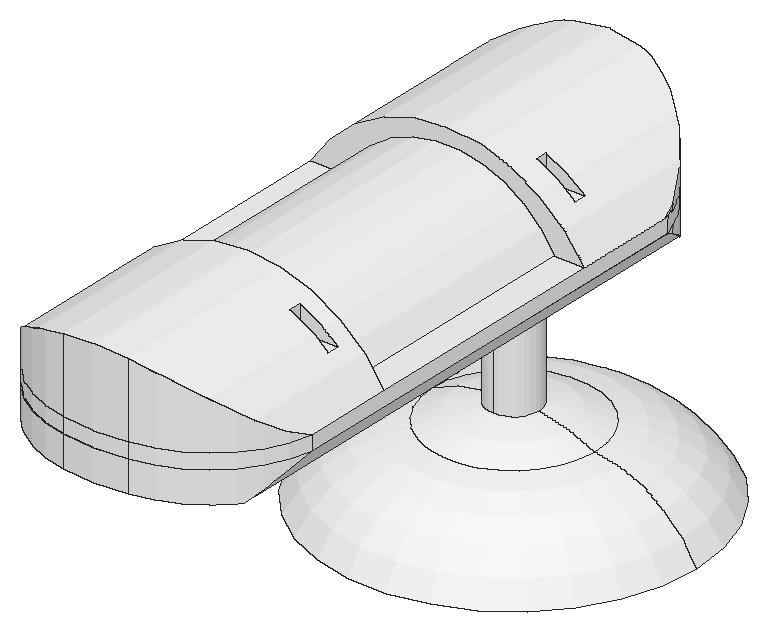
Revit family "LO", category Communication Devices, host Face, Revit 2014
Parameters
  Warranty = "5-Years Warranty"  # constant formula
  Type Comments = "LightOWL® Passive Infrared Wall Mount Sensor"  # constant formula
  Product Page URL = "https://www.hubbell.com/hubbellcontrolsolutions/en/Products/Lighting-Controls/Lighting-Controls-Sensors/Occupancy-Sensors/LightOWL-Passive-Infrared-Wall-Mount-Sensor/p/220903"
  Product Documentation Link = "https://hubbellcdn.com/specsheet/1502a_lightowl_ir_cutsheet.pdf"
  URL = "https://www.hubbell.com/hubbellcontrolsolutions/en"
  Power Requirements = "24VDC, 33 mA (uses UVPP and MP-Series\r\npower pack—not included)\r"  # constant formula
  Model = "LightOWL® Passive Infrared Wall Mount Sensor"  # constant formula
  Manufacturer = "Hubbell Control Solutions"  # constant formula
  Sensing Element = Metal-Hubbell-Nickel
  Feartures = "IntelliDAPT self-adaptive technology; no manual adjustment required\r\nAll-digital passive infrared (PIR) sensor\r\nNon-volatile memory for sensor settings\r\n50’ @ 30’ height coverage area\r\nOptional relay and photocell control\r\nOptional Quick to Install (QTI) connector\r\nUL and cUL listed\r\n5-year warranty"  # constant formula
  Description = "The LOIR sensor uses passive infrared (PIR) technology to turn lighting on and off based on occupancy. Designed specifically for areas with long-range major-motion activity, this sensor features Hubbell Control Solutions' patented IntelliDAPT technology, which makes all the sensor adjustments automatically. Throughout the product's lifespan, smart software analyzes the controlled area and makes digital adjustments to sensitivity and timer settings. Occupancy sensors with IntelliDAPT provide a maintenance-free Install and Forget operation."  # constant formula
  Default Elevation = 48.00"
  Copyright = "Copyright © 2021 Hubbell Control Solutions"  # constant formula
  Contact Us = "https://www.hubbell.com/hubbellcontrolsolutions/en/contactUs"
  Housing Material = Paint - Hubbell - Matte White
  Certifications = "UL and cUL listed"
  Assembly Code = "D5090"
Reference planes (in)
  plane 1 "Center (Front/Back)": y = 11.68155
  plane 2: z = 0
  plane 3 "Center (Left/Right)": x = 0
  plane 4: x = -1.41
  plane 5: x = 1.41
  plane 6: y = 13.09155
  plane 7: y = 10.27155
  plane 8: z = 3.72
  plane 9: through (0.87749, -180, 1.95871) normal (0.7071, 0, 0.7071)
Forms (in)
  Revolve 1, solid, material "Paint - Hubbell - Matte White" <- "Housing Material"
    sketch origin (0, 11.68155, 0) x (1, 0, 0) y (0, 0, 1)
      loop
        line (0, 0) -> (1.82999, 0)
        arc (1.82999, 0) -> (1.40849, 0.4728) -> (0.81222, 0.68649) r 1.28372
        arc (0.81222, 0.68649) -> (0.41744, 0.82505) -> (0, 0.85337) r 1.55552
        line (0, 0.85337) -> (0, 0)
      axis (0, 0.85337) -> (0, 0)
    angle from 0 to 360
  Sweep 2, solid, material "Paint - Hubbell - Matte White" <- "Housing Material"
    path origin (0, 0, 0) x (0, 1, 0) y (0, 0, 1)
      loop
        line (11.68155, 0.85427) -> (11.68155, 1.68006) -> (12.02357, 2.61976)
    profile origin (0, 11.68155, 1.26717) x (0, -1, 0) y (1, 0, 0)
      loop
        circle (0, 0) r 0.25
Dimensions and locks (in)
  plane 4 to plane 5 = 2.82"
  plane 7 to plane 6 = 2.82"
  equal spacing: plane 7, plane 1 "Center (Front/Back)", plane 6
  plane 5 to plane 4 = 2.82"
  plane 8 to plane 2 = 3.72"
  aligned and locked: plane 2 to host face
  aligned and locked: level to host face
  aligned and locked: Revolve 1 sketch curve to plane 3 "Center (Left/Right)"
Automatic sketch dimensions
  host sketch curve to host sketch curve = 96.00"  (x2)
  Revolve 1 sketch curve to level = 0.00"
  plane 3 "Center (Left/Right)" to Revolve 1 sketch curve = 0.00"
  plane 3 "Center (Left/Right)" to Revolve 1 sketch curve = 0.10439"
  Revolve 1 sketch curve to Revolve 1 sketch curve = 0.58626"
  Revolve 1 sketch curve to level = 0.59145"
  Revolve 1 sketch curve to Revolve 1 sketch curve = 0.10719"
  Revolve 1 sketch curve to plane 5 = 0.59778"
  plane 5 to Revolve 1 sketch curve = 0.41999"
  Revolve 1 sketch curve to Revolve 1 sketch curve = 23.30136"
  Revolve 1 sketch curve to plane 8 = 54.31668"
  Sweep 2 sketch curve to plane 1 "Center (Front/Back)" = 0.00"
  level to Sweep 2 sketch curve = 0.85427"
  Sweep 2 sketch curve to plane 1 "Center (Front/Back)" = 0.34202"
  Sweep 2 sketch curve to Sweep 2 sketch curve = 0.82579"
  Sweep 2 sketch curve to Sweep 2 sketch curve = 0.93969"
  Sweep 2 sketch curve to plane 3 "Center (Left/Right)" = 0.00"
  Sweep 2 sketch curve to profile plane = 0.00"
  radius of Sweep 2 sketch curve = 0.25"
Nested families (in)
  nested 1: "Family1" at (0, 9.63972, 2.80957), type "Family1"
Connectors (in)
  electrical at (0, 11.68155, 0)
    settings: on Revolve 1, index 1, voltage 0 V, apparent load 0 VA, apparent load phase1 0 VA, apparent load phase2 0 VA, apparent load phase3 0 VA, power factor 1, load classification "Other", number of poles 1, system type 13, power factor state 1, is connector primary yes, connector utility no, sub classification motor no, connector description "Sensor"
Definition of nested family "Family1"
  Parameters (values of type "Family1")
    housing = Paint - Hubbell - Matte White
    Sensing material = Paint - Hubbell - Textured Camera Black
    Height = 5.48"
  Reference planes (in)
    plane 1 "Center (Front/Back)": y = 0
    plane 2: z = 0
    plane 3 "Center (Left/Right)": x = 0
    plane 4: x = -1.365
    plane 5: x = 1.365
    plane 6: y = 2.74
    plane 7: y = -2.74
    plane 8: z = 0.93
    plane 9: z = -0.93
    plane 10: y = 3.26
    plane 11: y = -3.26
  Forms (in)
    Sweep 1, solid, material "Paint - Hubbell - Matte White" <- "housing"
      path origin (0, 0, 0) x (1, 0, 0) y (0, 1, 0)
        loop
          line (0, 3.3128) -> (0, -3.23467)
      profile origin (0, 0.03906, 0) x (1, 0, 0) y (0, 0, 1)
        loop
          line (-1.365, 0.075) -> (1.365, 0.075)
          arc (1.365, 0.075) -> (0, 0.8515) -> (-1.365, 0.075) r 1.58801
    Extrusion 2, void
      sketch origin (0, 0, 0) x (1, 0, 0) y (0, 1, 0)
        loop
          line (-1.365, -2.17044) -> (-1.365, -3.26592) -> (1.365, -3.26592) -> (1.365, -2.17044)
          arc (1.365, -2.17044) -> (1.00674, -2.83506) -> (0.32626, -3.16217) r 1.22166
          arc (0.32626, -3.16217) -> (0, -3.1881) -> (-0.32626, -3.16217) r 2.06591
          arc (-0.32626, -3.16217) -> (-1.00674, -2.83506) -> (-1.365, -2.17044) r 1.22166
        loop
          line (-1.37645, 3.3128) -> (-1.37645, 2.26389)
          arc (-1.37645, 2.26389) -> (-0.00573, 3.26001) -> (1.365, 2.26389) r 1.44117
          line (1.365, 2.26389) -> (1.365, 3.3128) -> (-1.37645, 3.3128)
      from -0.93 to 0.93
    Sweep 3, solid, material "Paint - Hubbell - Matte White" <- "housing"
      path origin (0, 0, 0.075) x (0, -1, 0) y (1, 0, 0)
        loop
          line (-3.26, 0) -> (3.26592, 0)
      profile origin (0, -0.00296, 0.075) x (1, 0, 0) y (0, 0, 1)
        loop
          arc (-1.365, -0.15) -> (0, -0.9265) -> (1.365, -0.15) r 1.58801
          line (1.365, -0.15) -> (-1.365, -0.15)
    Extrusion 4, void
      sketch origin (0, 0, 0) x (0, -1, 0) y (1, 0, 0)
        loop
          line (2.24827, -1.365) -> (3.3125, -1.365) -> (3.3125, 1.365) -> (2.24827, 1.365)
          arc (2.24827, 1.365) -> (2.91289, 1.00674) -> (3.24, 0.32626) r 1.22166
          arc (3.24, 0.32626) -> (3.26592, 0) -> (3.24, -0.32626) r 2.06591
          arc (3.24, -0.32626) -> (2.91289, -1.00674) -> (2.24827, -1.365) r 1.22166
        loop
          arc (-2.21702, -1.365) -> (-2.88164, -1.00674) -> (-3.20875, -0.32626) r 1.22166
          arc (-3.20875, -0.32626) -> (-3.23467, 0) -> (-3.20875, 0.32626) r 2.06591
          arc (-3.20875, 0.32626) -> (-2.88164, 1.00674) -> (-2.21702, 1.365) r 1.22166
          line (-2.21702, 1.365) -> (-3.46875, 1.365) -> (-3.46875, -1.365) -> (-2.21702, -1.365)
      from -1.03321 to 2.51239
    Sweep 5, void
      path origin (0, 0.21875, 0) x (1, 0, 0) y (0, 1, 0)
        loop
          line (0, 1) -> (0, -1.5)
      profile origin (0, -0.03125, 0) x (1, 0, 0) y (0, 0, 1)
        loop
          line (-1.365, 0.075) -> (-1.06382, 0.075)
          arc (-1.06382, 0.075) -> (0, 0.69868) -> (1.06382, 0.075) r 1.21913
          line (1.06382, 0.075) -> (1.365, 0.075)
          arc (1.365, 0.075) -> (0, 0.8515) -> (-1.365, 0.075) r 1.58801
    Extrusion 6, void
      sketch origin (0, 0, 0) x (0, 1, 0) y (0, 0, 1)
        loop
          arc (0.27944, -0.93) -> (0.14952, -0.54931) -> (-0.21875, -0.3875) r 0.5
          line (-0.21875, -0.3875) -> (-3.39092, -0.3875) -> (-3.39092, -0.93) -> (0.27944, -0.93)
      from -2.72838 to 2.18587
    Extrusion 7, solid, material "Paint - Hubbell - Matte White" <- "housing"
      sketch origin (0, 0, 0) x (1, 0, 0) y (0, 1, 0)
        loop
          line (-1.365, 2.29773) -> (-1.365, -2.17044)
          arc (-1.365, -2.17044) -> (-1.00674, -2.83506) -> (-0.32626, -3.16217) r 1.22166
          arc (-0.32626, -3.16217) -> (0, -3.1881) -> (0.32626, -3.16217) r 2.06591
          arc (0.32626, -3.16217) -> (1.00674, -2.83506) -> (1.365, -2.17044) r 1.22166
          line (1.365, -2.17044) -> (1.365, 2.26389)
          arc (1.365, 2.26389) -> (0.01214, 3.2599) -> (-1.365, 2.29773) r 1.44117
      from -0.075 to 0.075
    Extrusion 8, void
      sketch origin (0, 0, 0) x (1, 0, 0) y (0, 1, 0)
        loop
          line (0.68, 1.47775) -> (1.18, 1.47775) -> (1.18, 1.59833) -> (0.68, 1.59833) -> (0.68, 1.47775)
        loop
          line (0.68, -1.47775) -> (0.68, -1.59833) -> (1.18, -1.59833) -> (1.18, -1.47775) -> (0.68, -1.47775)
      from 0.44481 to 0.97045
  Cuts and joins
    Extrusion 2, Extrusion 4, Sweep 5, Extrusion 8 cuts Sweep 1
    Extrusion 8 cuts Extrusion 7
    joined: Sweep 1, Extrusion 7
    Extrusion 2, Extrusion 4, Extrusion 6 cuts Sweep 3
  Dimensions and locks (in)
    "Height": plane 7 to plane 6
    plane 4 to plane 5 = 2.73"
    equal spacing: plane 7, plane 1 "Center (Front/Back)", plane 6
    aligned and locked: plane 2 to level
    aligned and locked: Extrusion 2 to plane 9
    aligned and locked: plane 8 to Extrusion 2
  Automatic sketch dimensions
    profile plane to Sweep 1 sketch curve = 0.00"
    level to Sweep 1 sketch curve = 0.075"
    profile plane to Sweep 1 sketch curve = 1.365"
    Sweep 1 sketch curve to level = 0.7365"
    profile plane to Sweep 3 sketch curve = 0.00"
    Sweep 3 sketch curve to profile plane = 0.15"
    profile plane to Sweep 3 sketch curve = 1.365"
    profile plane to Sweep 3 sketch curve = 0.6615"
    Extrusion 4 sketch curve to plane 4 = 0.00"  (x2)
    Extrusion 4 sketch curve to plane 5 = 0.00"  (x2)
    Extrusion 4 sketch curve to plane 3 "Center (Left/Right)" = 0.00"  (x2)
    plane 7 to Extrusion 4 sketch curve = 0.50"  (x2)
    Extrusion 4 sketch curve to plane 7 = 0.49173"  (x2)
    plane 3 "Center (Left/Right)" to Extrusion 4 sketch curve = 0.16313"  (x2)
    Extrusion 4 sketch curve to Extrusion 4 sketch curve = 1.21072"
    Extrusion 4 sketch curve to plane 3 "Center (Left/Right)" = 0.16313"  (x2)
    plane 1 "Center (Front/Back)" to Extrusion 4 sketch curve = 1.20001"
    Extrusion 4 sketch curve to plane 1 "Center (Front/Back)" = 1.16876"
    Extrusion 4 sketch curve to Extrusion 4 sketch curve = 0.82927"
    Extrusion 4 sketch curve to Extrusion 4 sketch curve = 0.00"
    plane 6 to Extrusion 4 sketch curve = 0.52298"
    Extrusion 4 sketch curve to Extrusion 4 sketch curve = 0.21899"
    Extrusion 4 sketch curve to plane 6 = 0.72875"
    plane 7 to Extrusion 4 sketch curve = 0.5725"
    Extrusion 4 sketch curve to plane 6 = 0.46875"
    Sweep 5 sketch curve to plane 3 "Center (Left/Right)" = 0.00"
    plane 1 "Center (Front/Back)" to Sweep 5 sketch curve = 1.28125"
    Sweep 5 sketch curve to plane 1 "Center (Front/Back)" = 1.21875"
    profile plane to Sweep 5 sketch curve = 0.00"  (x2)
    level to Sweep 5 sketch curve = 0.075"  (x2)
    profile plane to Sweep 5 sketch curve = 1.06382"
    Sweep 5 sketch curve to Sweep 5 sketch curve = 0.30118"
    Sweep 5 sketch curve to level = 0.52045"
    Sweep 5 sketch curve to Sweep 5 sketch curve = 0.21606"
    Extrusion 6 sketch curve to plane 9 = 0.00"
    plane 7 to Extrusion 6 sketch curve = 0.65092"
    plane 1 "Center (Front/Back)" to Extrusion 6 sketch curve = 0.21875"
    Extrusion 6 sketch curve to plane 1 "Center (Front/Back)" = 0.27944"
    plane 9 to Extrusion 6 sketch curve = 0.0425"
    Sweep 1 sketch curve to plane 3 "Center (Left/Right)" = 0.00"
    Sweep 1 sketch curve to plane 11 = 0.02533"
    Sweep 1 sketch curve to plane 10 = 0.0528"
    Extrusion 2 sketch curve to plane 4 = 0.00"
    Extrusion 2 sketch curve to plane 3 "Center (Left/Right)" = 0.00"
    Extrusion 2 sketch curve to plane 5 = 0.00"  (x2)
    Extrusion 2 sketch curve to plane 4 = 0.01145"
    Extrusion 2 sketch curve to plane 3 "Center (Left/Right)" = 0.16313"
    Extrusion 2 sketch curve to plane 3 "Center (Left/Right)" = 0.00573"
    plane 3 "Center (Left/Right)" to Extrusion 2 sketch curve = 0.16313"
    plane 11 to Extrusion 2 sketch curve = 0.00592"
    Extrusion 2 sketch curve to plane 7 = 0.56956"  (x2)
    Extrusion 2 sketch curve to plane 7 = 0.78855"
    Extrusion 2 sketch curve to Extrusion 2 sketch curve = 0.00"
    Extrusion 2 sketch curve to Extrusion 2 sketch curve = 0.82927"
    plane 6 to Extrusion 2 sketch curve = 0.92115"
    Extrusion 2 sketch curve to plane 10 = 0.0528"
    Extrusion 2 sketch curve to plane 11 = 0.09783"
    plane 6 to Extrusion 2 sketch curve = 0.47611"
    Sweep 3 sketch curve to plane 3 "Center (Left/Right)" = 0.00"
    plane 10 to Sweep 3 sketch curve = 0.00"
    plane 11 to Sweep 3 sketch curve = 0.00592"
    Extrusion 7 sketch curve to plane 3 "Center (Left/Right)" = 0.00"
    Extrusion 7 sketch curve to plane 3 "Center (Left/Right)" = 0.16313"
    Extrusion 7 sketch curve to plane 3 "Center (Left/Right)" = 0.00573"
    Extrusion 7 sketch curve to plane 7 = 0.78855"
    Extrusion 7 sketch curve to Extrusion 7 sketch curve = 0.82927"
    plane 6 to Extrusion 7 sketch curve = 0.92115"
    plane 4 to Extrusion 7 sketch curve = 0.00"
    Extrusion 7 sketch curve to plane 11 = 0.09783"  (x2)
    Extrusion 7 sketch curve to plane 3 "Center (Left/Right)" = 0.32626"
    Extrusion 7 sketch curve to plane 5 = 0.00"
    plane 6 to Extrusion 7 sketch curve = 0.47611"
    plane 3 "Center (Left/Right)" to Extrusion 7 sketch curve = 0.16313"
    Extrusion 7 sketch curve to Extrusion 7 sketch curve = 0.00"
    Extrusion 8 sketch curve to plane 5 = 0.685"  (x2)
    Extrusion 8 sketch curve to plane 5 = 0.185"  (x2)
    Extrusion 8 sketch curve to plane 7 = 1.14167"
    Extrusion 8 sketch curve to Extrusion 8 sketch curve = 0.12058"  (x2)
    plane 6 to Extrusion 8 sketch curve = 1.26225"
